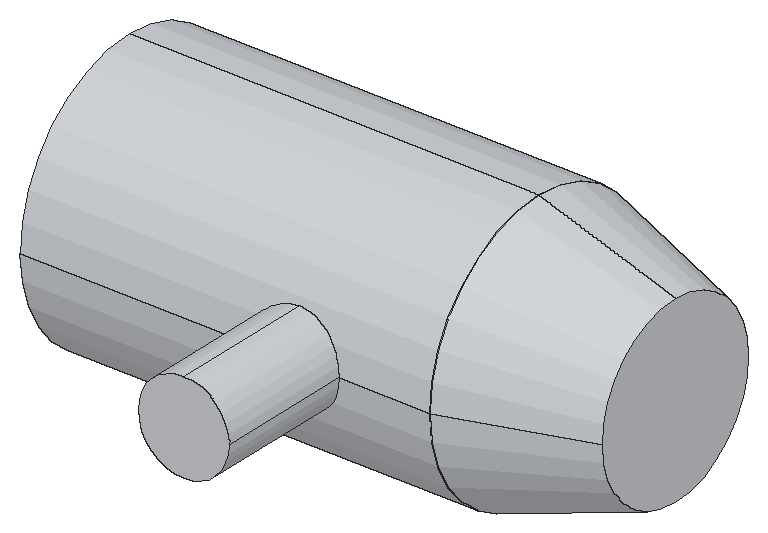
Revit family "RU T-Stück - Gleitgelenk", category Luftkanalformteile, Revit 2014
Parameters (values of type "Allgemein")
  r3 [instance] = 50 mm
  r2 [instance] = 100 mm
  r1 [instance] = 150 mm
  l4 [instance] = if(not(alpha < 90.00°), abs(l3) * 0.5, r1 / tan(alpha) + r3 / sin(alpha))  # 150 mm
  l3 [instance] = if(l = 0 mm, Max. d1d2d3, l)  # 300 mm
  l [instance] = 0 mm
  alpha [instance] = 90.00°
  Länge l3 [instance] = 1.1045 * Max. d1d2d3 + 160.9 mm  # 492.25 mm
  Länge 2 [instance] = if(not(alpha > 90.00°), if(Abschätzung 3 > Abschätzung 4, Abschätzung 3, Abschätzung 4), l3)  # 300 mm
  Länge 1 [instance] = if(not(alpha < 90.00°), if(Abschätzung 3 > Abschätzung 1, Abschätzung 3, Abschätzung 1), l3)  # 300 mm
  Länge 3 [instance] = if(not(alpha > 90.00°), if(Abschätzung 3 > Abschätzung 4, Abschätzung 3, Abschätzung 4), Länge 1)  # 300 mm
  d3 [instance] = 2 * r3  # 100 mm
  d2 [instance] = 2 * r2  # 200 mm
  d13 [instance] = if(d1 < d3, d1, d3)  # 100 mm
  Min. d1d2d3 [instance] = if(d13 < d2, d13, d2)  # 100 mm
  Max. d1d2d3 [instance] = if(d12 > d3, d12, d3)  # 300 mm
  d1 [instance] = 2 * r1  # 300 mm
  d12 [instance] = if(d1 > d2, d1, d2)  # 300 mm
  Länge r3 [instance] = if(alpha < 90.00°, r3 / tan(alpha / 2), r3 / tan((180.00° - alpha) / 2))  # 50 mm
  Länge r2 [instance] = r2 / tan(alpha / 2)  # 100 mm
  Länge r1 [instance] = r1 / tan(((180.00° - alpha) / 2))  # 150 mm
  Abschätzung 4 [instance] = if(Abschätzung 2 > l4, Abschätzung 2, (l4) * 1.15)  # 300 mm
  Abschätzung 3 [instance] = if(Länge r3 > l3, Länge r3, l3)  # 300 mm
  Abschätzung 2 [instance] = if(Länge r2 > l3, Länge r2, l3)  # 300 mm
  Abschätzung 1 [instance] = if(Länge r1 > l3, Länge r1, l3)  # 300 mm
Reference planes
  plane 1 "Mitte (vorne/hinten)": y = 0
  plane 2: z = 0
  plane 3 "Mitte (links/rechts)": x = 0
  plane 4: x = -300
  plane 5: x = 300
  plane 6: x = 150
Forms (mm)
  SweptBlend 1, solid, detail levels medium+fine
    path origin (0, 0, 0) x (1, 0, 0) y (0, 1, 0)
      loop
        line (150, 0) -> (300, 0)
    profile "Luftkanal - rund : Luftkanal - rund 1" origin (150, 0, 0) x (0, 1, 0) y (0, 0, 1)
      loop
        arc (-150, 0) -> (-106.066, -106.066) -> (0, -150) r 150
        arc (0, -150) -> (106.066, -106.066) -> (150, 0) r 150
        arc (150, 0) -> (106.066, 106.066) -> (0, 150) r 150
        arc (0, 150) -> (-106.066, 106.066) -> (-150, 0) r 150
    end profile "Luftkanal - rund : Luftkanal rund - 2" origin (300, 0, 0) x (0, 1, 0) y (0, 0, 1)
      loop
        arc (-100, 0) -> (-70.711, -70.711) -> (0, -100) r 100
        arc (0, -100) -> (70.711, -70.711) -> (100, 0) r 100
        arc (100, 0) -> (70.711, 70.711) -> (0, 100) r 100
        arc (0, 100) -> (-70.711, 70.711) -> (-100, 0) r 100
  Sweep 2, solid, detail levels medium+fine
    path origin (0, 0, 0) x (1, 0, 0) y (0, 1, 0)
      loop
        line (-300, 0) -> (150, 0)
    profile "Luftkanal - rund : Luftkanal - rund 1" origin (-75, 0, 0) x (0, 1, 0) y (0, 0, 1)
      loop
        arc (-150, 0) -> (-106.066, -106.066) -> (0, -150) r 150
        arc (0, -150) -> (106.066, -106.066) -> (150, 0) r 150
        arc (150, 0) -> (106.066, 106.066) -> (0, 150) r 150
        arc (0, 150) -> (-106.066, 106.066) -> (-150, 0) r 150
  Sweep 3, solid, detail levels medium+fine
    path in 3D
      loop
        line (0, 0, 0) -> (0, -300, 0)
    profile "Luftkanal - rund : Luftkanal - rund 3" origin (0, -150, 0) x (1, 0, 0) y (0, 0, 1)
      loop
        arc (-50, 0) -> (-35.355, -35.355) -> (0, -50) r 50
        arc (0, -50) -> (35.355, -35.355) -> (50, 0) r 50
        arc (50, 0) -> (35.355, 35.355) -> (0, 50) r 50
        arc (0, 50) -> (-35.355, 35.355) -> (-50, 0) r 50
Cuts and joins
  joined: Sweep 2, Sweep 3
Lines and regions (mm)
  model lines, detail levels coarse
    curve 1: line (-400, 0, 0) -> (-390, 0, 0)
    curve 2: line (-390, 0, 0) -> (150, 0, 0)
    curve 3: line (150, 0, 0) -> (300, 0, 0)
    curve 6: line (0, 0, 0) -> (0, -300, 0)
  reference lines
    curve 4: line (0, 0, 0) -> (0, -300, 0)
    curve 5: line (0, -300, 0) -> (0, -290, 0)
    curve 7: line (100, -300, 0) -> (100, -305, 0)
    curve 8: line (-100, -300, 0) -> (-100, -305, 0)
  sketch lines
    curve 9: line (0, 0, 0) -> (0, -300, 0)
Dimensions and locks
  "Länge 3": curve 4 to curve 4
  "l4": plane 3 "Mitte (links/rechts)" to plane 6
  "Länge 1": plane 4 to plane 3 "Mitte (links/rechts)"
  "Länge 2": plane 3 "Mitte (links/rechts)" to plane 5
  "alpha": angle curve 4 to plane 1 "Mitte (vorne/hinten)"
  aligned and locked: plane 1 "Mitte (vorne/hinten)" to curve 1
  aligned and locked: plane 1 "Mitte (vorne/hinten)" to curve 2
  aligned and locked: plane 6 to curve 2
  aligned and locked: curve 2 to SweptBlend 1 sketch curve
  aligned and locked: plane 1 "Mitte (vorne/hinten)" to Sweep 2 sketch curve
  aligned and locked: plane 4 to Sweep 2 sketch curve
  aligned and locked: plane 6 to Sweep 2 sketch curve
  aligned and locked: plane 1 "Mitte (vorne/hinten)" to curve 4
  aligned and locked: plane 3 "Mitte (links/rechts)" to curve 4
  aligned and locked: plane 5 to curve 3
Automatic sketch dimensions
  SweptBlend 1 sketch curve to plane 5 = 0 mm
  SweptBlend 1 sketch curve to plane 6 = 0 mm
  curve 5 to curve 4 = 0 mm  (x2)
  curve 8 to curve 8 = 5 mm
  curve 7 to curve 7 = 5 mm
  curve 6 to curve 4 = 0 mm  (x3)
  curve 8 to curve 4 = 100 mm
  curve 4 to curve 7 = 100 mm
  curve 1 to curve 2 = 10 mm
  curve 5 to curve 4 = 10 mm
  curve 4 to curve 7 = 0 mm
  curve 8 to curve 4 = 0 mm
  curve 1 to plane 4 = 90 mm
Connectors
  hvac at (-300, 0, 0), driven by "r1"
    settings: on cut or joined group of Sweep 2, Sweep 3, index 1, duct flow 0.0 L/s, flow factor 0, pres drop 0.0 Pa, loss coef 0, conn angle 0.00°, conn width 304.8 mm, conn height 304.8 mm, conn diameter 300 mm, duct sys type 28, conn prof type 0, flow config 0, flow direction 0, loss method 0, conn ref index 2, conn util no, is conn primary yes, conn desc ""
  hvac at (300, 0, 0), driven by "r2"
    settings: on SweptBlend 1, index 2, duct flow 0.0 L/s, flow factor 0, pres drop 0.0 Pa, loss coef 0, conn angle 0.00°, conn width 304.8 mm, conn height 304.8 mm, conn diameter 200 mm, duct sys type 28, conn prof type 0, flow config 0, flow direction 0, loss method 0, conn ref index 1, conn util no, is conn primary no, conn desc ""
  hvac at (0, -300, 0), driven by "r3", driven by "alpha"
    settings: on cut or joined group of Sweep 2, Sweep 3, index 3, duct flow 0.0 L/s, flow factor 0, pres drop 0.0 Pa, loss coef 0, conn angle 90.00°, conn width 304.8 mm, conn height 304.8 mm, conn diameter 100 mm, duct sys type 28, conn prof type 0, flow config 0, flow direction 0, loss method 0, conn ref index -1, conn util no, is conn primary no, conn desc ""
